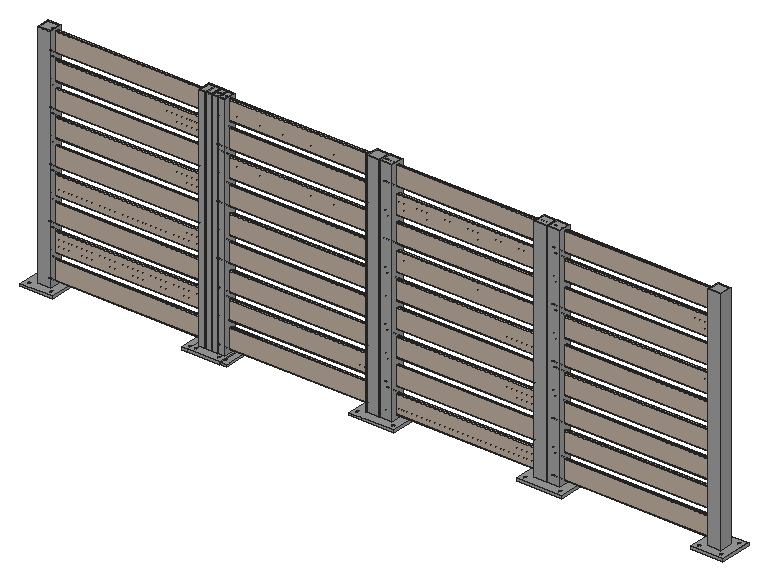
Revit family "Palmshield-Mercury-Semi-Private-Vinyl-Array", category Specialty Equipment, Revit 2026
Family settings
  Round Connector Dimension = Use Diameter
  Part Type = Normal
  Classification Number = 23.55.00.00
  Enable Cutting in Views = No
  Cut with Voids When Loaded = No
  Maintain Annotation Orientation = No
  Shared = No
  Room Calculation Point = No
Parameters (values of type "Assembly")
  Warranty URL = "https://palmshieldlouvers.com/wp-content/uploads/2020/01/PalmSHIELD-Warranty-NO-SIGN-LINE.pdf"
  Version = "2020 - v1.0a"  # constant formula
  URL = "https://palmshieldlouvers.com/"
  Type Comments = ""
  Start Post [instance] = yes
  Product Page URL = "https://palmshieldlouvers.com/products/mercury-eco-semi-private/"
  Product Documentation Link = "https://palmshieldlouvers.com/wp-content/uploads/2022/01/Mercury-Economic-Semi-Private-Aluminum-Composite.pdf"
  Post Finish = Metal - PalmSHIELD - Dusty Grey
  Panel Width [instance] = if(Desired Panel Width > C Max Panel Width, C Max Panel Width, if(Desired Panel Width < C Min Panel Width, C Min Panel Width, Desired Panel Width))  # 4' - 0"
  Panel Height [instance] = if(Desired Panel Height > C Max Panel Height, C Max Panel Height, if(Desired Panel Height < C Min Panel Height, C Min Panel Height, Desired Panel Height))  # 6' - 0"
  Model = "Mercury Economic Semi Private - Vinyl"  # constant formula
  Manufacturer Phone Number = "531-329-4406 "  # constant formula
  Manufacturer Email = "mailto: info@palmshieldlouvers.com"
  Manufacturer Address = "12330 Cary Circle, La Vista, NE 68128"  # constant formula
  Manufacturer = "PalmSHIELD"  # constant formula
  Louver Finsh = Metal - PalmSHIELD - Grey Beige
  Start Post Position [instance] = 1
  Keynote = "05 10 00"
  Instruction Sheet Link = "https://palmshieldlouvers.com/wp-content/uploads/2021/09/PalmSHIELD-Mercury-Series-Post-Panel-Gate-Installation-Instructions-2.docx"
  ID [instance] = "Not Assigned"
  Frame Finish = Metal - PalmSHIELD - Dusty Grey
  Filler Panel [instance] = yes
  End Post Position [instance] = 1
  End Post [instance] = yes
  Desired Panel Width [instance] = 4' - 0"
  Desired Panel Height [instance] = 6' - 0"
  Real Length [instance] = if([built-in parameter 1001306] < (C Post Width + C Min Panel Width), (C Post Width + C Min Panel Width), [built-in parameter 1001306])  # 17' - 4"
  Description = "Mercury Economic Semi Private - Vinyl"  # constant formula
  built-in parameter 1001306 [instance] = 17' - 4"
  Copyright = "Copyright ©2024 The American Fence Company and PalmSHIELD. All Rights Reserved."  # constant formula
  Component Name [instance] = "Mercury Economic Semi Private - Vinyl"  # constant formula
  C Single Post [instance] = if(C Condition Double, 1 = 1, if(and(End Post, C Condition Single), 1 = 1, 1 = 0))  # no
  C Single Panel [instance] = or(C Condition Double, C Condition Single)  # no
  C Post Width [instance] = 0' - 4"  # constant formula
  C Multiple Post [instance] = (C Condition Multiple)  # yes
  C Multiple Panels [instance] = (C Condition Multiple)  # yes
  C Min Panel Width [instance] = 4' - 0"  # constant formula
  C Min Panel Height [instance] = C Min Panel Width  # 4' - 0"
  C Max Panel Width [instance] = 5' - 0"  # constant formula
  C Max Panel Height [instance] = 8' - 0"  # constant formula
  C Filler Post [instance] = and(not(C Condition Single), Filler Panel, End Post, or(C Filler Panel Width = C Min Panel Width, C Filler Panel Width > C Min Panel Width))  # yes
  C Filler Panel Width Calculated [instance] = Real Length - C Calculated Total Length - Panel Width - C Post Width  # 4' - 0"
  C Filler Panel Width [instance] = if(C Filler Panel Width Calculated < C Min Panel Width, C Min Panel Width, if(C Filler Panel Width Calculated > C Max Panel Width, C Max Panel Width, C Filler Panel Width Calculated))  # 4' - 0"
  C Filler Panel [instance] = and(not(C Condition Single), Filler Panel, or(C Filler Panel Width = C Min Panel Width, C Filler Panel Width > C Min Panel Width))  # yes
  C Condition Single [instance] = C Array Count < 1  # no
  C Condition Multiple [instance] = C Array Count > 1  # yes
  C Condition Double [instance] = C Array Count = 1  # no
  C Complete Post [instance] = and(not(C Condition Single), not(Filler Panel), End Post)  # no
  C Complete Panel [instance] = and(not(C Condition Single), not(Filler Panel))  # no
  C Calculated Total Length [instance] = if(C Array Count < 1, 0' 0", if(C Array Count = 1, C Post Width, Panel Width * (C Array Safe - 1) + C Post Width * (C Array Safe)))  # 9' - 0"
  C Calculated Filler Panel Length [instance] = if(C Array Count < 1, 0' 0", if(or(C Array Count = 2, C Array Count = 1), C Post Width, if(Filler Panel, (C Calculated Total Length - C Post Width - C Filler Panel Width), (C Calculated Total Length - C Post Width - Panel Width))))  # 4' - 8"
  C Array Safe [instance] = if(C Array Count < 2, 2, C Array Count)  # 3
  C Array Count [instance] = if(Filler Panel, roundup(((Real Length - C Min Panel Width) / (Panel Width + C Post Width)) - 1), roundup(((Real Length - (Panel Width)) / (Panel Width + C Post Width)) - 1))  # 3
  Assembly Code = "F1020100"
Reference planes (in)
  plane 1 "Center (Front/Back)": y = 0
  plane 2: z = 0
  plane 3 "Left": x = 0
  plane 4 "Right": x = 208
  plane 5 "Top": z = 72
  plane 6: x = 48
  plane 7: x = 52
  plane 8: x = 100
  plane 9: x = 104
  plane 10: x = -4
  plane 11: x = 156
  plane 12: x = 52
  plane 13: x = 204
  plane 14: x = 204
  plane 15: x = -2
  plane 16: x = 208
  plane 17: x = 206
  plane 18: x = 206
  plane 19: x = 208
  plane 20: x = 50
  plane 21: x = 102
  plane 22: y = -2
  plane 23: y = 2
Lines and regions (in)
  reference lines
    curve 1: line (0, 0, 0) -> (208, 0, 0)
Dimensions and locks (in)
  "built-in parameter 1001306": plane 3 "Left" to plane 4 "Right"
  "Panel Width": plane 6 to plane 3 "Left"
  "C Post Width": plane 7 to plane 6
  "Panel Width": plane 8 to plane 7
  "C Post Width": plane 9 to plane 8
  "C Post Width": plane 3 "Left" to plane 10
  "C Calculated Filler Panel Length": plane 12 to plane 10
  "C Filler Panel Width": plane 13 to plane 11
  "Panel Width": plane 14 to plane 11
  "C Calculated Total Length": plane 11 to plane 6
  equal spacing: plane 10, plane 15, plane 3 "Left"
  equal spacing: plane 16, plane 17, plane 13
  "C Post Width": plane 16 to plane 13
  equal spacing: plane 19, plane 18, plane 14
  "C Post Width": plane 19 to plane 14
  equal spacing: plane 9, plane 21, plane 8
  equal spacing: plane 7, plane 20, plane 6
  equal spacing: plane 22, plane 1 "Center (Front/Back)", plane 23
  "C Post Width": plane 22 to plane 23
  equal spacing: group 1, group 2, group 3  (x3)
  "Panel Height": plane 5 "Top" to level
  equal spacing: group 4, group 5, group 6  (x3)
  aligned and locked: plane 4 "Right" to curve 1
  aligned and locked: plane 1 "Center (Front/Back)" to curve 1
  aligned and locked: plane 3 "Left" to curve 1
  aligned and locked: level to plane 2
  aligned and locked: plane 15 to nested 1
  aligned and locked: nested 1 to plane 1 "Center (Front/Back)"
  aligned and locked: plane 3 "Left" to nested 2
  aligned and locked: nested 4 to plane 14
  aligned and locked: plane 1 "Center (Front/Back)" to nested 6
  aligned and locked: plane 1 "Center (Front/Back)" to nested 5
  aligned and locked: plane 1 "Center (Front/Back)" to nested 8
  aligned and locked: plane 1 "Center (Front/Back)" to nested 9
  aligned and locked: plane 17 to nested 6
  aligned and locked: plane 18 to nested 5
  aligned and locked: plane 20 to nested 8
  aligned and locked: plane 22 to nested 4
  aligned and locked: plane 22 to nested 2
  aligned and locked: plane 20 to nested 9
  aligned and locked: plane 21 to nested 10
  aligned and locked: plane 1 "Center (Front/Back)" to nested 10
  aligned and locked: plane 11 to nested 3
  aligned and locked: nested 28 to plane 1 "Center (Front/Back)"
  aligned and locked: plane 3 "Left" to nested 7
  aligned and locked: nested 37 to plane 1 "Center (Front/Back)"
  aligned and locked: plane 7 to nested 51
  aligned and locked: nested 56 to plane 1 "Center (Front/Back)"
Nested families (in)
  nested 1: "Screening-Louver-Assembly-Post-Palmshield-Mercury_Economic_Semi_Private-Aluminum" at (-2, 0, 0), Desired Overall Height <- "Panel Height", visible <- "Start Post", Component Vis <- "Start Post", ID <- "ID", Post Position <- "Start Post Position", type "Assembly"
    with Post Position 1, ID "Not Assigned", Height 6' - 0", Desired Overall Height 6' - 0", Component Vis yes, Component Name "Mercury Economic Semi Private - Aluminum - Square Post", C Min Height 3' - 4", C Max Height 8' - 0"
  nested 2: "Screening-Louver-Assembly-Panel-Palmshield-Mercury_Economic_Semi_Private-Vinyl" at (0, -2, 0), Desired Overall Height <- "Panel Height", Desired Overall Width <- "Panel Width", visible <- "C Single Panel", Component Vis <- "C Single Panel", ID <- "ID", type "Assembly"
    with Width 4' - 0", ID "Not Assigned", Height 6' - 0", Desired Overall Width 4' - 0", Desired Overall Height 6' - 0", Desired Bottom Angle 0.00°, Component Vis no, Component Name "Mercury Economic Semi Private - Vinyl", C Min Width 4' - 0", C Min Height 4' - 0", C Max Width 5' - 0", C Max Height 8' - 0", C Angle 0.00°
  nested 3: "Screening-Louver-Assembly-Panel-Palmshield-Mercury_Economic_Semi_Private-Vinyl" at (156, -1.11799, 0), Desired Overall Height <- "Panel Height", Desired Overall Width <- "C Filler Panel Width", visible <- "C Filler Panel", Component Vis <- "C Filler Panel", ID <- "ID", type "Assembly"
    with Width 4' - 0", ID "Not Assigned", Height 6' - 0", Desired Overall Width 4' - 0", Desired Overall Height 6' - 0", Desired Bottom Angle 0.00°, Component Vis yes, Component Name "Mercury Economic Semi Private - Vinyl", C Min Width 4' - 0", C Min Height 4' - 0", C Max Width 5' - 0", C Max Height 8' - 0", C Angle 0.00°
  nested 4: "Screening-Louver-Assembly-Panel-Palmshield-Mercury_Economic_Semi_Private-Vinyl" at (156, -2, 0), Desired Overall Height <- "Panel Height", Desired Overall Width <- "Panel Width", visible <- "C Complete Panel", Component Vis <- "C Complete Panel", ID <- "ID", type "Assembly"
    with Width 4' - 0", ID "Not Assigned", Height 6' - 0", Desired Overall Width 4' - 0", Desired Overall Height 6' - 0", Desired Bottom Angle 0.00°, Component Vis no, Component Name "Mercury Economic Semi Private - Vinyl", C Min Width 4' - 0", C Min Height 4' - 0", C Max Width 5' - 0", C Max Height 8' - 0", C Angle 0.00°
  nested 5: "Screening-Louver-Assembly-Post-Palmshield-Mercury_Economic_Semi_Private-Aluminum" at (206, 0, 0), Desired Overall Height <- "Panel Height", visible <- "C Complete Post", Component Vis <- "C Complete Post", ID <- "ID", type "Assembly"
    with Post Position 1, ID "Not Assigned", Height 6' - 0", Desired Overall Height 6' - 0", Component Vis no, Component Name "Mercury Economic Semi Private - Aluminum - Square Post", C Min Height 3' - 4", C Max Height 8' - 0"
  nested 6: "Screening-Louver-Assembly-Post-Palmshield-Mercury_Economic_Semi_Private-Aluminum" at (206, 0, 0), Desired Overall Height <- "Panel Height", visible <- "C Filler Post", Component Vis <- "C Filler Post", ID <- "ID", Post Position <- "End Post Position", type "Assembly"
    with Post Position 1, ID "Not Assigned", Height 6' - 0", Desired Overall Height 6' - 0", Component Vis yes, Component Name "Mercury Economic Semi Private - Aluminum - Square Post", C Min Height 3' - 4", C Max Height 8' - 0"
  nested 7: "Screening-Louver-Assembly-Panel-Palmshield-Mercury_Economic_Semi_Private-Vinyl" at (0, -1.11799, 0), Desired Overall Height <- "Panel Height", Desired Overall Width <- "Panel Width", visible <- "C Multiple Panels", Component Vis <- "C Multiple Panels", ID <- "ID", type "Assembly"
    with Width 4' - 0", ID "Not Assigned", Height 6' - 0", Desired Overall Width 4' - 0", Desired Overall Height 6' - 0", Desired Bottom Angle 0.00°, Component Vis yes, Component Name "Mercury Economic Semi Private - Vinyl", C Min Width 4' - 0", C Min Height 4' - 0", C Max Width 5' - 0", C Max Height 8' - 0", C Angle 0.00°
  nested 8: "Screening-Louver-Assembly-Post-Palmshield-Mercury_Economic_Semi_Private-Aluminum" at (50, 0, 0), Desired Overall Height <- "Panel Height", visible <- "C Multiple Post", Component Vis <- "C Multiple Post", ID <- "ID", type "Assembly"
    with Post Position 2, ID "Not Assigned", Height 6' - 0", Desired Overall Height 6' - 0", Component Vis yes, Component Name "Mercury Economic Semi Private - Aluminum - Square Post", C Min Height 3' - 4", C Max Height 8' - 0"
  nested 9: "Screening-Louver-Assembly-Post-Palmshield-Mercury_Economic_Semi_Private-Aluminum" at (50, 0, 0), Desired Overall Height <- "Panel Height", visible <- "C Single Post", Component Vis <- "C Single Post", ID <- "ID", type "Assembly"
    with Post Position 2, ID "Not Assigned", Height 6' - 0", Desired Overall Height 6' - 0", Component Vis no, Component Name "Mercury Economic Semi Private - Aluminum - Square Post", C Min Height 3' - 4", C Max Height 8' - 0"
  nested 10: "Screening-Louver-Assembly-Post-Palmshield-Mercury_Economic_Semi_Private-Aluminum" at (102, 0, 0), Desired Overall Height <- "Panel Height", visible <- "C Multiple Post", Component Vis <- "C Multiple Post", ID <- "ID", type "Assembly"
    with Post Position 2, ID "Not Assigned", Height 6' - 0", Desired Overall Height 6' - 0", Component Vis yes, Component Name "Mercury Economic Semi Private - Aluminum - Square Post", C Min Height 3' - 4", C Max Height 8' - 0"
  nested 11: "Screening-Louver-Assembly-Post-Palmshield-Mercury_Economic_Semi_Private-Aluminum" at (154, 0, 0), Desired Overall Height <- "Panel Height", visible <- "C Multiple Post", Component Vis <- "C Multiple Post", ID <- "ID", type "Assembly"
    with Post Position 2, ID "Not Assigned", Height 6' - 0", Desired Overall Height 6' - 0", Component Vis yes, Component Name "Mercury Economic Semi Private - Aluminum - Square Post", C Min Height 3' - 4", C Max Height 8' - 0"
  nested 12: "Nested-Base_Plate-Palmshield-Mercury_Economic_Semi_Private" at (206, 0, 0), type "10" x 10" x 3/4""
    with Material Metal - PalmSHIELD - Dusty Grey, ID "Not Assigned", Component Name "Mercury Economic Semi Private - Aluminum - Base Plate"
  nested 13: "Nested-Square_Post-Aluminum-Palmshield-Mercury_Economic_Semi_Private" at (206, 0, 0.75), type "4" X 4" X 1/8" SQ. TUBE"
    with Material Metal - PalmSHIELD - Dusty Grey, Length 5' - 11 1/4", ID "Not Assigned", Component Name "Mercury Economic Semi Private - Aluminum - Square Post"
  nested 14: "Nested-Base_Plate-Palmshield-Mercury_Economic_Semi_Private" at (50, 0, 0), type "10" x 10" x 3/4""
    with Material Metal - PalmSHIELD - Dusty Grey, ID "Not Assigned", Component Name "Mercury Economic Semi Private - Aluminum - Base Plate"
  nested 15: "Nested-Square_Post-Aluminum-Palmshield-Mercury_Economic_Semi_Private" at (50, 0, 0.75), type "4" X 4" X 1/8" SQ. TUBE"
    with Material Metal - PalmSHIELD - Dusty Grey, Length 5' - 11 1/4", ID "Not Assigned", Component Name "Mercury Economic Semi Private - Aluminum - Square Post"
  nested 16: "Nested-Top_Cap-Palmshield-Mercury_Economic_Semi_Private" at (206, 0, 72) x (1, 0, 0) z (0, 0, -1), type "3 3/4" x 3 3/4" x 1/8""
    with Material Metal - PalmSHIELD - Dusty Grey, ID "Not Assigned", Component Name "Mercury Economic Semi Private - Aluminum - Square Top Cap"
  nested 17: "Nested-Base_Plate-Palmshield-Mercury_Economic_Semi_Private" at (206, 0, 0), type "10" x 10" x 3/4""
    with Material Metal - PalmSHIELD - Dusty Grey, ID "Not Assigned", Component Name "Mercury Economic Semi Private - Aluminum - Base Plate"
  nested 18: "Nested-Square_Post-Aluminum-Palmshield-Mercury_Economic_Semi_Private" at (206, 0, 0.75), type "4" X 4" X 1/8" SQ. TUBE"
    with Material Metal - PalmSHIELD - Dusty Grey, Length 5' - 11 1/4", ID "Not Assigned", Component Name "Mercury Economic Semi Private - Aluminum - Square Post"
  nested 19: "Nested-Top_Cap-Palmshield-Mercury_Economic_Semi_Private" at (206, 0, 72) x (1, 0, 0) z (0, 0, -1), type "3 3/4" x 3 3/4" x 1/8""
    with Material Metal - PalmSHIELD - Dusty Grey, ID "Not Assigned", Component Name "Mercury Economic Semi Private - Aluminum - Square Top Cap"
  nested 20: "Nested-Top_Cap-Palmshield-Mercury_Economic_Semi_Private" at (50, 0, 72) x (1, 0, 0) z (0, 0, -1), type "3 3/4" x 3 3/4" x 1/8""
    with Material Metal - PalmSHIELD - Dusty Grey, ID "Not Assigned", Component Name "Mercury Economic Semi Private - Aluminum - Square Top Cap"
  nested 21: "Nested-Base_Plate-Palmshield-Mercury_Economic_Semi_Private" at (-2, 0, 0), type "10" x 10" x 3/4""
    with Material Metal - PalmSHIELD - Dusty Grey, ID "Not Assigned", Component Name "Mercury Economic Semi Private - Aluminum - Base Plate"
  nested 22: "Nested-Square_Post-Aluminum-Palmshield-Mercury_Economic_Semi_Private" at (-2, 0, 0.75), type "4" X 4" X 1/8" SQ. TUBE"
    with Material Metal - PalmSHIELD - Dusty Grey, Length 5' - 11 1/4", ID "Not Assigned", Component Name "Mercury Economic Semi Private - Aluminum - Square Post"
  nested 23: "Nested-Top_Cap-Palmshield-Mercury_Economic_Semi_Private" at (-2, 0, 72) x (1, 0, 0) z (0, 0, -1), type "3 3/4" x 3 3/4" x 1/8""
    with Material Metal - PalmSHIELD - Dusty Grey, ID "Not Assigned", Component Name "Mercury Economic Semi Private - Aluminum - Square Top Cap"
  nested 24: "Nested-Louvers-Palmshield-Mercury_Economic_Semi_Private-Vinyl" at (154.1875, 0, 9.9375) x (0, 1, 0) z (1, 0, 0), type "7/8" X 6" VINYL INFILL SLAT"
    with Material Metal - PalmSHIELD - Grey Beige, Length 4' - 3 5/8", ID "Not Assigned", Component Name "Mercury Economic Semi Private - Vinyl - Louvers"
  nested 25: "Nested-Louvers-Palmshield-Mercury_Economic_Semi_Private-Vinyl" at (154.1875, 0, 17.875) x (0, 1, 0) z (1, 0, 0), type "7/8" X 6" VINYL INFILL SLAT"
    with Material Metal - PalmSHIELD - Grey Beige, Length 4' - 3 5/8", ID "Not Assigned", Component Name "Mercury Economic Semi Private - Vinyl - Louvers"
  nested 26: "Nested-Louvers-Palmshield-Mercury_Economic_Semi_Private-Vinyl" at (154.1875, 0, 25.8125) x (0, 1, 0) z (1, 0, 0), type "7/8" X 6" VINYL INFILL SLAT"
    with Material Metal - PalmSHIELD - Grey Beige, Length 4' - 3 5/8", ID "Not Assigned", Component Name "Mercury Economic Semi Private - Vinyl - Louvers"
  nested 27: "Nested-Louvers-Palmshield-Mercury_Economic_Semi_Private-Vinyl" at (154.1875, 0, 33.75) x (0, 1, 0) z (1, 0, 0), type "7/8" X 6" VINYL INFILL SLAT"
    with Material Metal - PalmSHIELD - Grey Beige, Length 4' - 3 5/8", ID "Not Assigned", Component Name "Mercury Economic Semi Private - Vinyl - Louvers"
  nested 28: "Nested-Louvers-Palmshield-Mercury_Economic_Semi_Private-Vinyl" at (154.1875, 0, 41.6875) x (0, 1, 0) z (1, 0, 0), type "7/8" X 6" VINYL INFILL SLAT"
    with Material Metal - PalmSHIELD - Grey Beige, Length 4' - 3 5/8", ID "Not Assigned", Component Name "Mercury Economic Semi Private - Vinyl - Louvers"
  nested 29: "Nested-Louvers-Palmshield-Mercury_Economic_Semi_Private-Vinyl" at (154.1875, 0, 49.625) x (0, 1, 0) z (1, 0, 0), type "7/8" X 6" VINYL INFILL SLAT"
    with Material Metal - PalmSHIELD - Grey Beige, Length 4' - 3 5/8", ID "Not Assigned", Component Name "Mercury Economic Semi Private - Vinyl - Louvers"
  nested 30: "Nested-Louvers-Palmshield-Mercury_Economic_Semi_Private-Vinyl" at (154.1875, 0, 57.5625) x (0, 1, 0) z (1, 0, 0), type "7/8" X 6" VINYL INFILL SLAT"
    with Material Metal - PalmSHIELD - Grey Beige, Length 4' - 3 5/8", ID "Not Assigned", Component Name "Mercury Economic Semi Private - Vinyl - Louvers"
  nested 31: "Nested-Louvers-Palmshield-Mercury_Economic_Semi_Private-Vinyl" at (154.1875, 0, 2) x (0, 1, 0) z (1, 0, 0), type "7/8" X 6" VINYL INFILL SLAT"
    with Material Metal - PalmSHIELD - Grey Beige, Length 4' - 3 5/8", ID "Not Assigned", Component Name "Mercury Economic Semi Private - Vinyl - Louvers"
  nested 32: "Nested-Louvers-Palmshield-Mercury_Economic_Semi_Private-Vinyl" at (154.1875, 0, 65.5) x (0, 1, 0) z (1, 0, 0), type "7/8" X 6" VINYL INFILL SLAT"
    with Material Metal - PalmSHIELD - Grey Beige, Length 4' - 3 5/8", ID "Not Assigned", Component Name "Mercury Economic Semi Private - Vinyl - Louvers"
  nested 33: "Nested-Louvers-Palmshield-Mercury_Economic_Semi_Private-Vinyl" at (-1.8125, 0, 9.9375) x (0, 1, 0) z (1, 0, 0), type "7/8" X 6" VINYL INFILL SLAT"
    with Material Metal - PalmSHIELD - Grey Beige, Length 4' - 3 5/8", ID "Not Assigned", Component Name "Mercury Economic Semi Private - Vinyl - Louvers"
  nested 34: "Nested-Louvers-Palmshield-Mercury_Economic_Semi_Private-Vinyl" at (-1.8125, 0, 17.875) x (0, 1, 0) z (1, 0, 0), type "7/8" X 6" VINYL INFILL SLAT"
    with Material Metal - PalmSHIELD - Grey Beige, Length 4' - 3 5/8", ID "Not Assigned", Component Name "Mercury Economic Semi Private - Vinyl - Louvers"
  nested 35: "Nested-Louvers-Palmshield-Mercury_Economic_Semi_Private-Vinyl" at (-1.8125, 0, 25.8125) x (0, 1, 0) z (1, 0, 0), type "7/8" X 6" VINYL INFILL SLAT"
    with Material Metal - PalmSHIELD - Grey Beige, Length 4' - 3 5/8", ID "Not Assigned", Component Name "Mercury Economic Semi Private - Vinyl - Louvers"
  nested 36: "Nested-Louvers-Palmshield-Mercury_Economic_Semi_Private-Vinyl" at (-1.8125, 0, 33.75) x (0, 1, 0) z (1, 0, 0), type "7/8" X 6" VINYL INFILL SLAT"
    with Material Metal - PalmSHIELD - Grey Beige, Length 4' - 3 5/8", ID "Not Assigned", Component Name "Mercury Economic Semi Private - Vinyl - Louvers"
  nested 37: "Nested-Louvers-Palmshield-Mercury_Economic_Semi_Private-Vinyl" at (-1.8125, 0, 41.6875) x (0, 1, 0) z (1, 0, 0), type "7/8" X 6" VINYL INFILL SLAT"
    with Material Metal - PalmSHIELD - Grey Beige, Length 4' - 3 5/8", ID "Not Assigned", Component Name "Mercury Economic Semi Private - Vinyl - Louvers"
  nested 38: "Nested-Louvers-Palmshield-Mercury_Economic_Semi_Private-Vinyl" at (-1.8125, 0, 49.625) x (0, 1, 0) z (1, 0, 0), type "7/8" X 6" VINYL INFILL SLAT"
    with Material Metal - PalmSHIELD - Grey Beige, Length 4' - 3 5/8", ID "Not Assigned", Component Name "Mercury Economic Semi Private - Vinyl - Louvers"
  nested 39: "Nested-Louvers-Palmshield-Mercury_Economic_Semi_Private-Vinyl" at (-1.8125, 0, 57.5625) x (0, 1, 0) z (1, 0, 0), type "7/8" X 6" VINYL INFILL SLAT"
    with Material Metal - PalmSHIELD - Grey Beige, Length 4' - 3 5/8", ID "Not Assigned", Component Name "Mercury Economic Semi Private - Vinyl - Louvers"
  nested 40: "Nested-Louvers-Palmshield-Mercury_Economic_Semi_Private-Vinyl" at (-1.8125, 0, 2) x (0, 1, 0) z (1, 0, 0), type "7/8" X 6" VINYL INFILL SLAT"
    with Material Metal - PalmSHIELD - Grey Beige, Length 4' - 3 5/8", ID "Not Assigned", Component Name "Mercury Economic Semi Private - Vinyl - Louvers"
  nested 41: "Nested-Louvers-Palmshield-Mercury_Economic_Semi_Private-Vinyl" at (-1.8125, 0, 65.5) x (0, 1, 0) z (1, 0, 0), type "7/8" X 6" VINYL INFILL SLAT"
    with Material Metal - PalmSHIELD - Grey Beige, Length 4' - 3 5/8", ID "Not Assigned", Component Name "Mercury Economic Semi Private - Vinyl - Louvers"
  nested 42: "Nested-Base_Plate-Palmshield-Mercury_Economic_Semi_Private" at (154, 0, 0), type "10" x 14" x 3/4""
    with Material Metal - PalmSHIELD - Dusty Grey, ID "Not Assigned", Component Name "Mercury Economic Semi Private - Aluminum - Base Plate"
  nested 43: "Nested-Square_Post-Aluminum-Palmshield-Mercury_Economic_Semi_Private" at (152, 0, 0.75), type "4" X 4" X 1/8" SQ. TUBE"
    with Material Metal - PalmSHIELD - Dusty Grey, Length 5' - 11 1/4", ID "Not Assigned", Component Name "Mercury Economic Semi Private - Aluminum - Square Post"
  nested 44: "Nested-Square_Post-Aluminum-Palmshield-Mercury_Economic_Semi_Private" at (156, 0, 0.75), type "4" X 4" X 1/8" SQ. TUBE"
    with Material Metal - PalmSHIELD - Dusty Grey, Length 5' - 11 1/4", ID "Not Assigned", Component Name "Mercury Economic Semi Private - Aluminum - Square Post"
  nested 45: "Nested-Base_Plate-Palmshield-Mercury_Economic_Semi_Private" at (50, 0, 0), type "10" x 14" x 3/4""
    with Material Metal - PalmSHIELD - Dusty Grey, ID "Not Assigned", Component Name "Mercury Economic Semi Private - Aluminum - Base Plate"
  nested 46: "Nested-Square_Post-Aluminum-Palmshield-Mercury_Economic_Semi_Private" at (48, 0, 0.75), type "4" X 4" X 1/8" SQ. TUBE"
    with Material Metal - PalmSHIELD - Dusty Grey, Length 5' - 11 1/4", ID "Not Assigned", Component Name "Mercury Economic Semi Private - Aluminum - Square Post"
  nested 47: "Nested-Square_Post-Aluminum-Palmshield-Mercury_Economic_Semi_Private" at (52, 0, 0.75), type "4" X 4" X 1/8" SQ. TUBE"
    with Material Metal - PalmSHIELD - Dusty Grey, Length 5' - 11 1/4", ID "Not Assigned", Component Name "Mercury Economic Semi Private - Aluminum - Square Post"
  nested 48: "Nested-Base_Plate-Palmshield-Mercury_Economic_Semi_Private" at (102, 0, 0), type "10" x 14" x 3/4""
    with Material Metal - PalmSHIELD - Dusty Grey, ID "Not Assigned", Component Name "Mercury Economic Semi Private - Aluminum - Base Plate"
  nested 49: "Nested-Square_Post-Aluminum-Palmshield-Mercury_Economic_Semi_Private" at (100, 0, 0.75), type "4" X 4" X 1/8" SQ. TUBE"
    with Material Metal - PalmSHIELD - Dusty Grey, Length 5' - 11 1/4", ID "Not Assigned", Component Name "Mercury Economic Semi Private - Aluminum - Square Post"
  nested 50: "Nested-Square_Post-Aluminum-Palmshield-Mercury_Economic_Semi_Private" at (104, 0, 0.75), type "4" X 4" X 1/8" SQ. TUBE"
    with Material Metal - PalmSHIELD - Dusty Grey, Length 5' - 11 1/4", ID "Not Assigned", Component Name "Mercury Economic Semi Private - Aluminum - Square Post"
  nested 51: "Screening-Louver-Assembly-Panel-Palmshield-Mercury_Economic_Semi_Private-Vinyl" at (52, -1.11799, 0), Desired Overall Height <- "Panel Height", Desired Overall Width <- "Panel Width", visible <- "C Multiple Panels", Component Vis <- "C Multiple Panels", ID <- "ID", type "Assembly"
    with Width 4' - 0", ID "Not Assigned", Height 6' - 0", Desired Overall Width 4' - 0", Desired Overall Height 6' - 0", Desired Bottom Angle 0.00°, Component Vis yes, Component Name "Mercury Economic Semi Private - Vinyl", C Min Width 4' - 0", C Min Height 4' - 0", C Max Width 5' - 0", C Max Height 8' - 0", C Angle 0.00°
  nested 52: "Nested-Louvers-Palmshield-Mercury_Economic_Semi_Private-Vinyl" at (50.1875, 0, 9.9375) x (0, 1, 0) z (1, 0, 0), type "7/8" X 6" VINYL INFILL SLAT"
    with Material Metal - PalmSHIELD - Grey Beige, Length 4' - 3 5/8", ID "Not Assigned", Component Name "Mercury Economic Semi Private - Vinyl - Louvers"
  nested 53: "Nested-Louvers-Palmshield-Mercury_Economic_Semi_Private-Vinyl" at (50.1875, 0, 17.875) x (0, 1, 0) z (1, 0, 0), type "7/8" X 6" VINYL INFILL SLAT"
    with Material Metal - PalmSHIELD - Grey Beige, Length 4' - 3 5/8", ID "Not Assigned", Component Name "Mercury Economic Semi Private - Vinyl - Louvers"
  nested 54: "Nested-Louvers-Palmshield-Mercury_Economic_Semi_Private-Vinyl" at (50.1875, 0, 25.8125) x (0, 1, 0) z (1, 0, 0), type "7/8" X 6" VINYL INFILL SLAT"
    with Material Metal - PalmSHIELD - Grey Beige, Length 4' - 3 5/8", ID "Not Assigned", Component Name "Mercury Economic Semi Private - Vinyl - Louvers"
  nested 55: "Nested-Louvers-Palmshield-Mercury_Economic_Semi_Private-Vinyl" at (50.1875, 0, 33.75) x (0, 1, 0) z (1, 0, 0), type "7/8" X 6" VINYL INFILL SLAT"
    with Material Metal - PalmSHIELD - Grey Beige, Length 4' - 3 5/8", ID "Not Assigned", Component Name "Mercury Economic Semi Private - Vinyl - Louvers"
  nested 56: "Nested-Louvers-Palmshield-Mercury_Economic_Semi_Private-Vinyl" at (50.1875, 0, 41.6875) x (0, 1, 0) z (1, 0, 0), type "7/8" X 6" VINYL INFILL SLAT"
    with Material Metal - PalmSHIELD - Grey Beige, Length 4' - 3 5/8", ID "Not Assigned", Component Name "Mercury Economic Semi Private - Vinyl - Louvers"
  nested 57: "Nested-Louvers-Palmshield-Mercury_Economic_Semi_Private-Vinyl" at (50.1875, 0, 49.625) x (0, 1, 0) z (1, 0, 0), type "7/8" X 6" VINYL INFILL SLAT"
    with Material Metal - PalmSHIELD - Grey Beige, Length 4' - 3 5/8", ID "Not Assigned", Component Name "Mercury Economic Semi Private - Vinyl - Louvers"
  nested 58: "Nested-Louvers-Palmshield-Mercury_Economic_Semi_Private-Vinyl" at (50.1875, 0, 57.5625) x (0, 1, 0) z (1, 0, 0), type "7/8" X 6" VINYL INFILL SLAT"
    with Material Metal - PalmSHIELD - Grey Beige, Length 4' - 3 5/8", ID "Not Assigned", Component Name "Mercury Economic Semi Private - Vinyl - Louvers"
  nested 59: "Nested-Louvers-Palmshield-Mercury_Economic_Semi_Private-Vinyl" at (50.1875, 0, 2) x (0, 1, 0) z (1, 0, 0), type "7/8" X 6" VINYL INFILL SLAT"
    with Material Metal - PalmSHIELD - Grey Beige, Length 4' - 3 5/8", ID "Not Assigned", Component Name "Mercury Economic Semi Private - Vinyl - Louvers"
  nested 60: "Nested-Louvers-Palmshield-Mercury_Economic_Semi_Private-Vinyl" at (50.1875, 0, 65.5) x (0, 1, 0) z (1, 0, 0), type "7/8" X 6" VINYL INFILL SLAT"
    with Material Metal - PalmSHIELD - Grey Beige, Length 4' - 3 5/8", ID "Not Assigned", Component Name "Mercury Economic Semi Private - Vinyl - Louvers"
  nested 61: "Screening-Louver-Assembly-Panel-Palmshield-Mercury_Economic_Semi_Private-Vinyl" at (104, -1.11799, 0), Desired Overall Height <- "Panel Height", Desired Overall Width <- "Panel Width", visible <- "C Multiple Panels", Component Vis <- "C Multiple Panels", ID <- "ID", type "Assembly"
    with Width 4' - 0", ID "Not Assigned", Height 6' - 0", Desired Overall Width 4' - 0", Desired Overall Height 6' - 0", Desired Bottom Angle 0.00°, Component Vis yes, Component Name "Mercury Economic Semi Private - Vinyl", C Min Width 4' - 0", C Min Height 4' - 0", C Max Width 5' - 0", C Max Height 8' - 0", C Angle 0.00°
  nested 62: "Nested-Louvers-Palmshield-Mercury_Economic_Semi_Private-Vinyl" at (102.1875, 0, 9.9375) x (0, 1, 0) z (1, 0, 0), type "7/8" X 6" VINYL INFILL SLAT"
    with Material Metal - PalmSHIELD - Grey Beige, Length 4' - 3 5/8", ID "Not Assigned", Component Name "Mercury Economic Semi Private - Vinyl - Louvers"
  nested 63: "Nested-Louvers-Palmshield-Mercury_Economic_Semi_Private-Vinyl" at (102.1875, 0, 17.875) x (0, 1, 0) z (1, 0, 0), type "7/8" X 6" VINYL INFILL SLAT"
    with Material Metal - PalmSHIELD - Grey Beige, Length 4' - 3 5/8", ID "Not Assigned", Component Name "Mercury Economic Semi Private - Vinyl - Louvers"
  nested 64: "Nested-Louvers-Palmshield-Mercury_Economic_Semi_Private-Vinyl" at (102.1875, 0, 25.8125) x (0, 1, 0) z (1, 0, 0), type "7/8" X 6" VINYL INFILL SLAT"
    with Material Metal - PalmSHIELD - Grey Beige, Length 4' - 3 5/8", ID "Not Assigned", Component Name "Mercury Economic Semi Private - Vinyl - Louvers"
  nested 65: "Nested-Louvers-Palmshield-Mercury_Economic_Semi_Private-Vinyl" at (102.1875, 0, 33.75) x (0, 1, 0) z (1, 0, 0), type "7/8" X 6" VINYL INFILL SLAT"
    with Material Metal - PalmSHIELD - Grey Beige, Length 4' - 3 5/8", ID "Not Assigned", Component Name "Mercury Economic Semi Private - Vinyl - Louvers"
  nested 66: "Nested-Louvers-Palmshield-Mercury_Economic_Semi_Private-Vinyl" at (102.1875, 0, 41.6875) x (0, 1, 0) z (1, 0, 0), type "7/8" X 6" VINYL INFILL SLAT"
    with Material Metal - PalmSHIELD - Grey Beige, Length 4' - 3 5/8", ID "Not Assigned", Component Name "Mercury Economic Semi Private - Vinyl - Louvers"
  nested 67: "Nested-Louvers-Palmshield-Mercury_Economic_Semi_Private-Vinyl" at (102.1875, 0, 49.625) x (0, 1, 0) z (1, 0, 0), type "7/8" X 6" VINYL INFILL SLAT"
    with Material Metal - PalmSHIELD - Grey Beige, Length 4' - 3 5/8", ID "Not Assigned", Component Name "Mercury Economic Semi Private - Vinyl - Louvers"
  nested 68: "Nested-Louvers-Palmshield-Mercury_Economic_Semi_Private-Vinyl" at (102.1875, 0, 57.5625) x (0, 1, 0) z (1, 0, 0), type "7/8" X 6" VINYL INFILL SLAT"
    with Material Metal - PalmSHIELD - Grey Beige, Length 4' - 3 5/8", ID "Not Assigned", Component Name "Mercury Economic Semi Private - Vinyl - Louvers"
  nested 69: "Nested-Louvers-Palmshield-Mercury_Economic_Semi_Private-Vinyl" at (102.1875, 0, 2) x (0, 1, 0) z (1, 0, 0), type "7/8" X 6" VINYL INFILL SLAT"
    with Material Metal - PalmSHIELD - Grey Beige, Length 4' - 3 5/8", ID "Not Assigned", Component Name "Mercury Economic Semi Private - Vinyl - Louvers"
  nested 70: "Nested-Louvers-Palmshield-Mercury_Economic_Semi_Private-Vinyl" at (102.1875, 0, 65.5) x (0, 1, 0) z (1, 0, 0), type "7/8" X 6" VINYL INFILL SLAT"
    with Material Metal - PalmSHIELD - Grey Beige, Length 4' - 3 5/8", ID "Not Assigned", Component Name "Mercury Economic Semi Private - Vinyl - Louvers"
  nested 71: "Nested-Top_Cap-Palmshield-Mercury_Economic_Semi_Private" at (48, 0, 72) x (1, 0, 0) z (0, 0, -1), type "3 3/4" x 3 3/4" x 1/8""
    with Material Metal - PalmSHIELD - Dusty Grey, ID "Not Assigned", Component Name "Mercury Economic Semi Private - Aluminum - Square Top Cap"
  nested 72: "Nested-Top_Cap-Palmshield-Mercury_Economic_Semi_Private" at (52, 0, 72) x (1, 0, 0) z (0, 0, -1), type "3 3/4" x 3 3/4" x 1/8""
    with Material Metal - PalmSHIELD - Dusty Grey, ID "Not Assigned", Component Name "Mercury Economic Semi Private - Aluminum - Square Top Cap"
  nested 73: "Nested-Top_Cap-Palmshield-Mercury_Economic_Semi_Private" at (100, 0, 72) x (1, 0, 0) z (0, 0, -1), type "3 3/4" x 3 3/4" x 1/8""
    with Material Metal - PalmSHIELD - Dusty Grey, ID "Not Assigned", Component Name "Mercury Economic Semi Private - Aluminum - Square Top Cap"
  nested 74: "Nested-Top_Cap-Palmshield-Mercury_Economic_Semi_Private" at (104, 0, 72) x (1, 0, 0) z (0, 0, -1), type "3 3/4" x 3 3/4" x 1/8""
    with Material Metal - PalmSHIELD - Dusty Grey, ID "Not Assigned", Component Name "Mercury Economic Semi Private - Aluminum - Square Top Cap"
  nested 75: "Nested-Top_Cap-Palmshield-Mercury_Economic_Semi_Private" at (152, 0, 72) x (1, 0, 0) z (0, 0, -1), type "3 3/4" x 3 3/4" x 1/8""
    with Material Metal - PalmSHIELD - Dusty Grey, ID "Not Assigned", Component Name "Mercury Economic Semi Private - Aluminum - Square Top Cap"
  nested 76: "Nested-Top_Cap-Palmshield-Mercury_Economic_Semi_Private" at (156, 0, 72) x (1, 0, 0) z (0, 0, -1), type "3 3/4" x 3 3/4" x 1/8""
    with Material Metal - PalmSHIELD - Dusty Grey, ID "Not Assigned", Component Name "Mercury Economic Semi Private - Aluminum - Square Top Cap"
Definition of nested family "Nested-Base_Plate-Palmshield-Mercury_Economic_Semi_Private"
  Parameters (values of type "10" x 14" x 3/4"")
    Width = if(Constraints = 1, 0' 10", 1' 2")  # 1' - 2"
    Warranty URL = "https://palmshieldlouvers.com/wp-content/uploads/2020/01/PalmSHIELD-Warranty-NO-SIGN-LINE.pdf"
    Version = "2020 - v1.0a"  # constant formula
    URL = "https://palmshieldlouvers.com/"
    Thickness = 0' - 0 3/4"  # constant formula
    Product Page URL = "Contact Manufacturer for More Information"
    Product Documentation Link = "Contact Manufacturer for More Information"
    Model = "Mercury Economic Semi Private"  # constant formula
    Material [instance] = none
    Manufacturer Phone Number = "531-329-4406 "  # constant formula
    Manufacturer Fax Number = "Consult Manufacturer Website for More Information"  # constant formula
    Manufacturer Email = "mailto: info@palmshieldlouvers.com"
    Manufacturer Address = "12330 Cary Circle, La Vista, NE 68128"  # constant formula
    Manufacturer = "PalmSHIELD"  # constant formula
    Keynote = "05 10 00"
    Instruction Sheet Link = "Contact Manufacturer for More Information"
    ID [instance] = ""
    Hole Diameter = 0' - 0 3/4"  # constant formula
    Height = 0' - 10"  # constant formula
    Description = "Mercury Economic Semi Private - Base Plate"  # constant formula
    Default Elevation = 4' - 0"
    Copyright = "Copyright ©2024 The American Fence Company and PalmSHIELD. All Rights Reserved."  # constant formula
    Constraints = 2
    Component Name [instance] = "Mercury Economic Semi Private - Aluminum - Base Plate"  # constant formula
    C Hole Offset = 0' - 1 1/2"  # constant formula
    Assembly Code = "F1020100"
  Types (2): name | Width | Constraints
    10" x 10" x 3/4" | 0' - 10" | 1
    10" x 14" x 3/4" | 1' - 2" | 2
  Reference planes (in)
    plane 1 "Center (Front/Back)": y = 0
    plane 2: z = 0
    plane 3 "Center (Left/Right)": x = 0
    plane 4: y = 5
    plane 5: x = 7
    plane 6: y = -5
    plane 7: x = -7
    plane 8: z = 0.75
  Forms (in)
    Extrusion 1, solid
      sketch origin (0, 0, 0) x (1, 0, 0) y (0, 1, 0)
        loop
          line (-48, 48) -> (-48, -48) -> (48, -48) -> (48, 48) -> (-48, 48)
      from 0 to -12
    Extrusion 2, solid, material <- "Material"
      sketch origin (0, 0, 0) x (1, 0, 0) y (0, 1, 0)
        loop
          line (-7, 5) -> (-7, -5) -> (7, -5) -> (7, 5) -> (-7, 5)
        loop
          circle (-5.5, 3.5) r 0.375
        loop
          circle (5.5, 3.5) r 0.375
        loop
          circle (-5.5, -3.5) r 0.375
        loop
          circle (5.5, -3.5) r 0.375
      from 0 to 0.75
  Dimensions and locks (in)
    equal spacing: plane 7, plane 3 "Center (Left/Right)", plane 5
    equal spacing: plane 4, plane 1 "Center (Front/Back)", plane 6
    "Width": plane 7 to plane 5
    "Height": plane 4 to plane 6
    "C Hole Offset": plane 7 to Extrusion 2 sketch curve  (x2)
    "C Hole Offset": Extrusion 2 sketch curve to plane 5  (x2)
    "C Hole Offset": plane 4 to Extrusion 2 sketch curve  (x2)
    "C Hole Offset": plane 6 to Extrusion 2 sketch curve  (x2)
    "Thickness": plane 8 to plane 2
    "Width": Extrusion 2 to Extrusion 2
    "Hole Diameter": diameter of Extrusion 2 sketch curve  (x4)
    aligned and locked: plane 2 to Extrusion 1
    aligned and locked: level to Extrusion 1
    aligned and locked: Extrusion 2 sketch curve to plane 4
    aligned and locked: plane 7 to Extrusion 2 sketch curve
    aligned and locked: Extrusion 2 sketch curve to plane 6
    aligned and locked: Extrusion 2 sketch curve to plane 5
    aligned and locked: plane 8 to Extrusion 2
  Automatic sketch dimensions
    Extrusion 1 sketch curve to Extrusion 1 sketch curve = 8' - 0"  (x2)
Definition of nested family "Nested-Square_Post-Aluminum-Palmshield-Mercury_Economic_Semi_Private"
  Parameters (values of type "4" X 4" X 1/8" SQ. TUBE")
    Width = 0' - 4"  # constant formula
    Warranty URL = "https://palmshieldlouvers.com/wp-content/uploads/2020/01/PalmSHIELD-Warranty-NO-SIGN-LINE.pdf"
    Version = "2020 - v1.0a"  # constant formula
    URL = "https://palmshieldlouvers.com/"
    Thickness = 0' - 0 1/8"  # constant formula
    Product Page URL = "Contact Manufacturer for More Information"
    Product Documentation Link = "Contact Manufacturer for More Information"
    Model = "Mercury Economic Semi Private"  # constant formula
    Material [instance] = none
    Manufacturer Phone Number = "531-329-4406 "  # constant formula
    Manufacturer Fax Number = "Consult Manufacturer Website for More Information"  # constant formula
    Manufacturer Email = "mailto: info@palmshieldlouvers.com"
    Manufacturer Address = "12330 Cary Circle, La Vista, NE 68128"  # constant formula
    Manufacturer = "PalmSHIELD"  # constant formula
    Length [instance] = 4' - 4.86713"
    Keynote = "05 10 00"
    Instruction Sheet Link = "Contact Manufacturer for More Information"
    ID [instance] = ""
    Description = "Mercury Economic Semi Private - Post"  # constant formula
    Default Elevation = 4' - 0"
    Copyright = "Copyright ©2024 The American Fence Company and PalmSHIELD. All Rights Reserved."  # constant formula
    Component Name [instance] = "Mercury Economic Semi Private - Aluminum - Square Post"  # constant formula
    Assembly Code = "F1020100"
  Reference planes (in)
    plane 1 "Center (Front/Back)": y = 0
    plane 2: z = 0
    plane 3 "Center (Left/Right)": x = 0
    plane 4: z = 52.86713
    plane 5: x = 2
    plane 6: x = -2
  Forms (in)
    Extrusion 1, solid
      sketch origin (0, 0, 0) x (1, 0, 0) y (0, 1, 0)
        loop
          line (-48, 48) -> (-48, -48) -> (48, -48) -> (48, 48) -> (-48, 48)
      from 0 to -12
    Sweep 2, solid, material <- "Material"
      path origin (0, 0, 0) x (0, 1, 0) y (0, 0, 1)
        loop
          line (0, 0) -> (0, 52.86713)
      profile "Profile-Palmshield-Square : 4" X 4" X 1/8" SQ. TUBE" origin (0, 0, 26.43357) x (0, -1, 0) y (1, 0, 0)
        loop
          line (1.875, 1.875) -> (-1.875, 1.875) -> (-1.875, -1.875) -> (1.875, -1.875) -> (1.875, 1.875)
        loop
          line (-2, -2) -> (2, -2) -> (2, 2) -> (-2, 2) -> (-2, -2)
  Dimensions and locks (in)
    "Length": plane 4 to plane 2
    equal spacing: plane 5, plane 3 "Center (Left/Right)", plane 6
    "Width": plane 5 to plane 6
    aligned and locked: plane 2 to Extrusion 1
    aligned and locked: level to Extrusion 1
    aligned and locked: plane 1 "Center (Front/Back)" to Sweep 2 sketch curve
    aligned and locked: plane 4 to Sweep 2 sketch curve
  Automatic sketch dimensions
    Extrusion 1 sketch curve to Extrusion 1 sketch curve = 8' - 0"  (x2)
    Sweep 2 sketch curve to level = 0' - 0"
Definition of nested family "Nested-Top_Cap-Palmshield-Mercury_Economic_Semi_Private"
  Parameters (values of type "3 3/4" x 3 3/4" x 1/8"")
    Width = 0' 4" - 2 * Thickness  # 0' - 3 3/4"
    Warranty URL = "https://palmshieldlouvers.com/wp-content/uploads/2020/01/PalmSHIELD-Warranty-NO-SIGN-LINE.pdf"
    Version = "2020 - v1.0a"  # constant formula
    URL = "https://palmshieldlouvers.com/"
    Thickness = 0' - 0 1/8"  # constant formula
    Product Page URL = "Contact Manufacturer for More Information"
    Product Documentation Link = "Contact Manufacturer for More Information"
    Model = "Mercury Economic Semi Private"  # constant formula
    Material [instance] = none
    Manufacturer Phone Number = "531-329-4406 "  # constant formula
    Manufacturer Fax Number = "Consult Manufacturer Website for More Information"  # constant formula
    Manufacturer Email = "mailto: info@palmshieldlouvers.com"
    Manufacturer Address = "12330 Cary Circle, La Vista, NE 68128"  # constant formula
    Manufacturer = "PalmSHIELD"  # constant formula
    Keynote = "05 10 00"
    Instruction Sheet Link = "Contact Manufacturer for More Information"
    ID [instance] = ""
    Description = "Mercury Economic Semi Private - Top Cap"  # constant formula
    Default Elevation = 4' - 0"
    Copyright = "Copyright ©2024 The American Fence Company and PalmSHIELD. All Rights Reserved."  # constant formula
    Component Name [instance] = "Mercury Economic Semi Private - Aluminum - Square Top Cap"  # constant formula
    Assembly Code = "F1020100"
  Reference planes (in)
    plane 1 "Center (Front/Back)": y = 0
    plane 2: z = 0
    plane 3 "Center (Left/Right)": x = 0
    plane 4: y = 1.875
    plane 5: x = 1.875
    plane 6: y = -1.875
    plane 7: x = -1.875
    plane 8: z = 0.125
  Forms (in)
    Extrusion 1, solid
      sketch origin (0, 0, 0) x (1, 0, 0) y (0, 1, 0)
        loop
          line (-48, 48) -> (-48, -48) -> (48, -48) -> (48, 48) -> (-48, 48)
      from 0 to -12
    Extrusion 2, solid, material <- "Material"
      sketch origin (0, 0, 0) x (1, 0, 0) y (0, 1, 0)
        loop
          line (-1.875, 1.875) -> (-1.875, -1.875) -> (1.875, -1.875) -> (1.875, 1.875) -> (-1.875, 1.875)
      from 0 to 0.125
  Dimensions and locks (in)
    equal spacing: plane 7, plane 3 "Center (Left/Right)", plane 5
    equal spacing: plane 4, plane 1 "Center (Front/Back)", plane 6
    "Width": plane 7 to plane 5
    "Width": plane 4 to plane 6
    "Thickness": plane 8 to plane 2
    aligned and locked: plane 2 to Extrusion 1
    aligned and locked: level to Extrusion 1
    aligned and locked: Extrusion 2 sketch curve to plane 4
    aligned and locked: plane 7 to Extrusion 2 sketch curve
    aligned and locked: Extrusion 2 sketch curve to plane 6
    aligned and locked: Extrusion 2 sketch curve to plane 5
    aligned and locked: plane 8 to Extrusion 2
  Automatic sketch dimensions
    Extrusion 1 sketch curve to Extrusion 1 sketch curve = 8' - 0"  (x2)
Definition of nested family "Nested-Louvers-Palmshield-Mercury_Economic_Semi_Private-Vinyl"
  Parameters (values of type "7/8" X 6" VINYL INFILL SLAT")
    Width = 0' - 6"  # constant formula
    Warranty URL = "https://palmshieldlouvers.com/wp-content/uploads/2020/01/PalmSHIELD-Warranty-NO-SIGN-LINE.pdf"
    Version = "2020 - v1.0a"  # constant formula
    URL = "https://palmshieldlouvers.com/"
    Thickness = 0' - 0 7/8"  # constant formula
    Product Page URL = "Contact Manufacturer for More Information"
    Product Documentation Link = "Contact Manufacturer for More Information"
    Model = "Mercury Economic Semi Private"  # constant formula
    Material [instance] = none
    Manufacturer Phone Number = "531-329-4406 "  # constant formula
    Manufacturer Fax Number = "Consult Manufacturer Website for More Information"  # constant formula
    Manufacturer Email = "mailto: info@palmshieldlouvers.com"
    Manufacturer Address = "12330 Cary Circle, La Vista, NE 68128"  # constant formula
    Manufacturer = "PalmSHIELD"  # constant formula
    Length [instance] = 4' - 4.86713"
    Keynote = "05 10 00"
    Instruction Sheet Link = "Contact Manufacturer for More Information"
    ID [instance] = ""
    Description = "Mercury Economic Semi Private - Louvers"  # constant formula
    Default Elevation = 4' - 0"
    Copyright = "Copyright ©2024 The American Fence Company and PalmSHIELD. All Rights Reserved."  # constant formula
    Component Name [instance] = "Mercury Economic Semi Private - Vinyl - Louvers"  # constant formula
    Assembly Code = "F1020100"
  Reference planes (in)
    plane 1 "Center (Front/Back)": y = 0
    plane 2: z = 0
    plane 3 "Center (Left/Right)": x = 0
    plane 4: z = 52.86713
  Forms (in)
    Extrusion 1, solid
      sketch origin (0, 0, 0) x (1, 0, 0) y (0, 1, 0)
        loop
          line (-48, 48) -> (-48, -48) -> (48, -48) -> (48, 48) -> (-48, 48)
      from 0 to -12
    Sweep 2, solid, material <- "Material", detail levels medium+fine
      path origin (0, 0, 0) x (0, 1, 0) y (0, 0, 1)
        loop
          line (0, 0) -> (0, 52.86713)
      profile "Profile-Palmshield-Louver : 7/8" X 6" VINYL INFILL SLAT" origin (0, 0, 26.43357) x (0, -1, 0) y (1, 0, 0)
        loop
          line (-2, 0.375) -> (-2, -0.375) -> (-0.125, -0.375)
          arc (-0.125, -0.375) -> (-0.08081, -0.35669) -> (-0.0625, -0.3125) r 0.0625
          line (-0.0625, -0.3125) -> (-0.0625, 0.3125)
          arc (-0.0625, 0.3125) -> (-0.08081, 0.35669) -> (-0.125, 0.375) r 0.0625
          line (-0.125, 0.375) -> (-2, 0.375)
        loop
          line (-3.96875, 0.375) -> (-3.96875, -0.375) -> (-2.03125, -0.375) -> (-2.03125, 0.375) -> (-3.96875, 0.375)
        loop
          arc (-5.9375, -0.3125) -> (-5.91919, -0.35669) -> (-5.875, -0.375) r 0.0625
          line (-5.875, -0.375) -> (-4, -0.375) -> (-4, 0.375) -> (-5.875, 0.375)
          arc (-5.875, 0.375) -> (-5.91919, 0.35669) -> (-5.9375, 0.3125) r 0.0625
          line (-5.9375, 0.3125) -> (-5.9375, -0.3125)
        loop
          arc (-6, -0.3125) -> (-5.96339, -0.40089) -> (-5.875, -0.4375) r 0.125
          line (-5.875, -0.4375) -> (-0.125, -0.4375)
          arc (-0.125, -0.4375) -> (-0.03661, -0.40089) -> (0, -0.3125) r 0.125
          line (0, -0.3125) -> (0, 0.3125)
          arc (0, 0.3125) -> (-0.03661, 0.40089) -> (-0.125, 0.4375) r 0.125
          line (-0.125, 0.4375) -> (-5.875, 0.4375)
          arc (-5.875, 0.4375) -> (-5.96339, 0.40089) -> (-6, 0.3125) r 0.125
          line (-6, 0.3125) -> (-6, -0.3125)
    Extrusion 3, solid, material <- "Material", detail levels coarse
      sketch origin (0, 0, 0) x (1, 0, 0) y (0, 1, 0)
        loop
          line (0.3125, 6) -> (-0.3125, 6)
          arc (-0.3125, 6) -> (-0.40089, 5.96339) -> (-0.4375, 5.875) r 0.125
          line (-0.4375, 5.875) -> (-0.4375, 0.125)
          arc (-0.4375, 0.125) -> (-0.40089, 0.03661) -> (-0.3125, 0) r 0.125
          line (-0.3125, 0) -> (0.3125, 0)
          arc (0.3125, 0) -> (0.40089, 0.03661) -> (0.4375, 0.125) r 0.125
          line (0.4375, 0.125) -> (0.4375, 5.875)
          arc (0.4375, 5.875) -> (0.40089, 5.96339) -> (0.3125, 6) r 0.125
      from 0 to 52.86713
  Dimensions and locks (in)
    "Length": plane 4 to plane 2
    aligned and locked: plane 2 to Extrusion 1
    aligned and locked: level to Extrusion 1
    aligned and locked: plane 1 "Center (Front/Back)" to Sweep 2 sketch curve
    aligned and locked: plane 4 to Sweep 2 sketch curve
    aligned and locked: Extrusion 3 to plane 2
  Automatic sketch dimensions
    Extrusion 1 sketch curve to Extrusion 1 sketch curve = 8' - 0"  (x2)
    Sweep 2 sketch curve to level = 0' - 0"
    plane 1 "Center (Front/Back)" to Extrusion 3 sketch curve = 0' - 0"
    Extrusion 3 sketch curve to plane 3 "Center (Left/Right)" = 0' - 0 7/16"
    Extrusion 3 sketch curve to Extrusion 3 sketch curve = 0' - 0 1/8"  (x3)
    plane 3 "Center (Left/Right)" to Extrusion 3 sketch curve = 0' - 0 5/16"  (x2)
    Extrusion 3 sketch curve to Extrusion 3 sketch curve = 0' - 5 3/4"
Definition of nested family "Screening-Louver-Assembly-Post-Palmshield-Mercury_Economic_Semi_Private-Aluminum"
  Parameters (values of type "10" x 14" x 3/4"")
    Width = if(Constraints = 1, 0' 10", 1' 2")  # 1' - 2"
    Warranty URL = "https://palmshieldlouvers.com/wp-content/uploads/2020/01/PalmSHIELD-Warranty-NO-SIGN-LINE.pdf"
    Version = "2020 - v1.0a"  # constant formula
    URL = "https://palmshieldlouvers.com/"
    Thickness = 0' - 0 3/4"  # constant formula
    Product Page URL = "Contact Manufacturer for More Information"
    Product Documentation Link = "Contact Manufacturer for More Information"
    Model = "Mercury Economic Semi Private"  # constant formula
    Material [instance] = none
    Manufacturer Phone Number = "531-329-4406 "  # constant formula
    Manufacturer Fax Number = "Consult Manufacturer Website for More Information"  # constant formula
    Manufacturer Email = "mailto: info@palmshieldlouvers.com"
    Manufacturer Address = "12330 Cary Circle, La Vista, NE 68128"  # constant formula
    Manufacturer = "PalmSHIELD"  # constant formula
    Keynote = "05 10 00"
    Instruction Sheet Link = "Contact Manufacturer for More Information"
    ID [instance] = ""
    Hole Diameter = 0' - 0 3/4"  # constant formula
    Height = 0' - 10"  # constant formula
    Description = "Mercury Economic Semi Private - Base Plate"  # constant formula
    Default Elevation = 4' - 0"
    Copyright = "Copyright ©2024 The American Fence Company and PalmSHIELD. All Rights Reserved."  # constant formula
    Constraints = 2
    Component Name [instance] = "Mercury Economic Semi Private - Aluminum - Base Plate"  # constant formula
    C Hole Offset = 0' - 1 1/2"  # constant formula
    Assembly Code = "F1020100"
  Types (2): name | Width | Constraints
    10" x 10" x 3/4" | 0' - 10" | 1
    10" x 14" x 3/4" | 1' - 2" | 2
Definition of nested family "Screening-Louver-Assembly-Panel-Palmshield-Mercury_Economic_Semi_Private-Vinyl"
  Parameters (values of type "7/8" X 6" VINYL INFILL SLAT")
    Width = 0' - 6"  # constant formula
    Warranty URL = "https://palmshieldlouvers.com/wp-content/uploads/2020/01/PalmSHIELD-Warranty-NO-SIGN-LINE.pdf"
    Version = "2020 - v1.0a"  # constant formula
    URL = "https://palmshieldlouvers.com/"
    Thickness = 0' - 0 7/8"  # constant formula
    Product Page URL = "Contact Manufacturer for More Information"
    Product Documentation Link = "Contact Manufacturer for More Information"
    Model = "Mercury Economic Semi Private"  # constant formula
    Material [instance] = none
    Manufacturer Phone Number = "531-329-4406 "  # constant formula
    Manufacturer Fax Number = "Consult Manufacturer Website for More Information"  # constant formula
    Manufacturer Email = "mailto: info@palmshieldlouvers.com"
    Manufacturer Address = "12330 Cary Circle, La Vista, NE 68128"  # constant formula
    Manufacturer = "PalmSHIELD"  # constant formula
    Length [instance] = 4' - 4.86713"
    Keynote = "05 10 00"
    Instruction Sheet Link = "Contact Manufacturer for More Information"
    ID [instance] = ""
    Description = "Mercury Economic Semi Private - Louvers"  # constant formula
    Default Elevation = 4' - 0"
    Copyright = "Copyright ©2024 The American Fence Company and PalmSHIELD. All Rights Reserved."  # constant formula
    Component Name [instance] = "Mercury Economic Semi Private - Vinyl - Louvers"  # constant formula
    Assembly Code = "F1020100"
